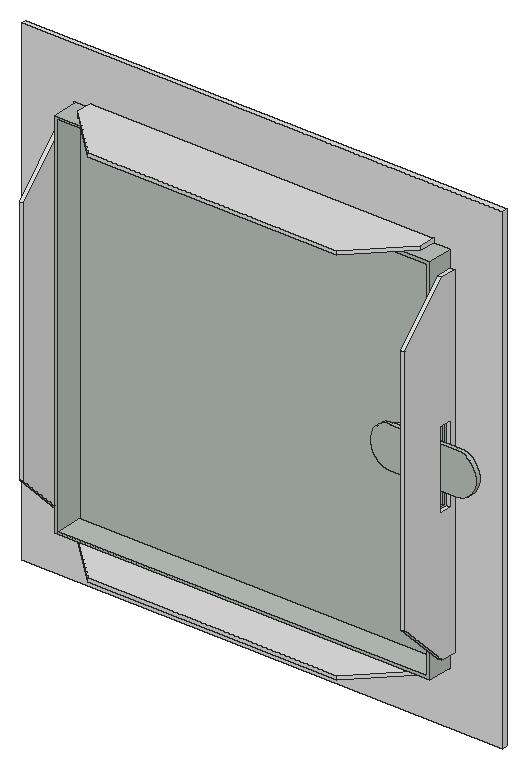
Revit family "Softline Zylinderschoss", category HLS-Bauteile, Revit 2018
Family settings
  Basisbauteil = Wand
  Bemaßung runder Anschluss = Durchmesser verwenden
  Teiletyp = Normal
  Immer vertikal = Ja
  Beim Laden mit Abzugskörper schneiden = Nein
  Gemeinsam genutzt = Nein
  Raumberechnungspunkt = Nein
Parameters (values of type "Weiß RAL9016 - 150X150")
  Wandbreite [instance] = 200.0 mm
  Vh = 0.5 * (Hz - H3)  # 32.5 mm
  Vb = 0.5 * (Bz - B3)  # 32.5 mm
  Tz = T1 + T2  # 26.0 mm
  T_plate = 1.0 mm
  TGap = 2.5 mm
  T2 = 24.0 mm
  T1 = 2.0 mm
  H4 = 145.0 mm
  H5 = 144.0 mm
  H2_Min = H  # 150.0 mm
  H2_Max = H + 12.0 mm  # 162.0 mm
  H = 150.0 mm
  H0 = 1650.0 mm
  Hz = 250.0 mm
  H3 = 185.0 mm
  H1 = 148.0 mm
  HAN = "20560"
  Dlock = H5 / 3  # 48.0 mm
  Binner = 0.5 * (B3 - B1)  # 18.5 mm
  B4 = 145.0 mm
  B5 = 144.0 mm
  Bz = 250.0 mm
  B2_min = B  # 150.0 mm
  B2_Max = B + 12.0 mm  # 162.0 mm
  B = 150.0 mm
  B3 = 185.0 mm
  B1 = 148.0 mm
Types (20, lengths in mm): name | H4 | H5 | H2_Min | H2_Max | H | Hz | H3 | H1 | HAN | Dlock | B4 | B5 | Bz | B2_min | B2_Max | B | B3 | B1
  Weiß RAL9016 - 600x600 | 595.0 | 594.0 | 600.0 | 612.0 | 600.0 | 700.0 | 635.0 | 598.0 | "20571" | 198.0 | 595.0 | 594.0 | 700.0 | 600.0 | 612.0 | 600.0 | 635.0 | 598.0
  Weiß RAL9016 - 200X200 | 195.0 | 194.0 | 200.0 | 212.0 | 200.0 | 300.0 | 235.0 | 198.0 | "20562" | 64.667 | 195.0 | 194.0 | 300.0 | 200.0 | 212.0 | 200.0 | 235.0 | 198.0
  Weiß RAL9016 - 300X300 | 295.0 | 294.0 | 300.0 | 312.0 | 300.0 | 400.0 | 335.0 | 298.0 | "20567" | 98.0 | 295.0 | 294.0 | 400.0 | 300.0 | 312.0 | 300.0 | 335.0 | 298.0
  Weiß RAL9016 - 400X400 | 395.0 | 394.0 | 400.0 | 412.0 | 400.0 | 500.0 | 435.0 | 398.0 | "20568" | 131.333 | 395.0 | 394.0 | 500.0 | 400.0 | 412.0 | 400.0 | 435.0 | 398.0
  Weiß RAL9016 - 500X500 | 495.0 | 494.0 | 500.0 | 512.0 | 500.0 | 600.0 | 535.0 | 498.0 | "20570" | 164.667 | 495.0 | 494.0 | 600.0 | 500.0 | 512.0 | 500.0 | 535.0 | 498.0
  Weiß RAL9016 - 200X250 | 245.0 | 244.0 | 250.0 | 262.0 | 250.0 | 350.0 | 285.0 | 248.0 | "20563" | 81.333 | 195.0 | 194.0 | 300.0 | 200.0 | 212.0 | 200.0 | 235.0 | 198.0
  Weiß RAL9016 - 200X300 | 295.0 | 294.0 | 300.0 | 312.0 | 300.0 | 400.0 | 335.0 | 298.0 | "20564" | 98.0 | 195.0 | 194.0 | 300.0 | 200.0 | 212.0 | 200.0 | 235.0 | 198.0
  Weiß RAL9016 - 200X400 | 395.0 | 394.0 | 400.0 | 412.0 | 400.0 | 500.0 | 435.0 | 398.0 | "20605" | 131.333 | 195.0 | 194.0 | 300.0 | 200.0 | 212.0 | 200.0 | 235.0 | 198.0
  Weiß RAL9016 - 200X500 | 495.0 | 494.0 | 500.0 | 512.0 | 500.0 | 600.0 | 535.0 | 498.0 | "20607" | 164.667 | 195.0 | 194.0 | 300.0 | 200.0 | 212.0 | 200.0 | 235.0 | 198.0
  Weiß RAL9016 - 200X600 | 595.0 | 594.0 | 600.0 | 612.0 | 600.0 | 700.0 | 635.0 | 598.0 | "20610" | 198.0 | 195.0 | 194.0 | 300.0 | 200.0 | 212.0 | 200.0 | 235.0 | 198.0
  Weiß RAL9016 - 150X200 | 195.0 | 194.0 | 200.0 | 212.0 | 200.0 | 300.0 | 235.0 | 198.0 | "20561" | 64.667 | 145.0 | 144.0 | 250.0 | 150.0 | 162.0 | 150.0 | 185.0 | 148.0
  Weiß RAL9016 - 150X150 | 145.0 | 144.0 | 150.0 | 162.0 | 150.0 | 250.0 | 185.0 | 148.0 | "20560" | 48.0 | 145.0 | 144.0 | 250.0 | 150.0 | 162.0 | 150.0 | 185.0 | 148.0
  Weiß RAL9016 - 250X250 | 245.0 | 244.0 | 250.0 | 262.0 | 250.0 | 350.0 | 285.0 | 248.0 | "20565" | 81.333 | 245.0 | 244.0 | 350.0 | 250.0 | 262.0 | 250.0 | 285.0 | 248.0
  Weiß RAL9016 - 250X300 | 295.0 | 294.0 | 300.0 | 312.0 | 300.0 | 400.0 | 335.0 | 298.0 | "20566" | 98.0 | 245.0 | 244.0 | 350.0 | 250.0 | 262.0 | 250.0 | 285.0 | 248.0
  Weiß RAL9016 - 300X400 | 395.0 | 394.0 | 400.0 | 412.0 | 400.0 | 500.0 | 435.0 | 398.0 | "20606" | 131.333 | 295.0 | 294.0 | 400.0 | 300.0 | 312.0 | 300.0 | 335.0 | 298.0
  Weiß RAL9016 - 300X500 | 495.0 | 494.0 | 500.0 | 512.0 | 500.0 | 600.0 | 535.0 | 498.0 | "20608" | 164.667 | 295.0 | 294.0 | 400.0 | 300.0 | 312.0 | 300.0 | 335.0 | 298.0
  Weiß RAL9016 - 300X600 | 595.0 | 594.0 | 600.0 | 612.0 | 600.0 | 700.0 | 635.0 | 598.0 | "20611" | 198.0 | 295.0 | 294.0 | 400.0 | 300.0 | 312.0 | 300.0 | 335.0 | 298.0
  Weiß RAL9016 - 400X600 | 595.0 | 594.0 | 600.0 | 612.0 | 600.0 | 700.0 | 635.0 | 598.0 | "20569" | 198.0 | 395.0 | 394.0 | 500.0 | 400.0 | 412.0 | 400.0 | 435.0 | 398.0
  Weiß RAL9016 - 400X500 | 495.0 | 494.0 | 500.0 | 512.0 | 500.0 | 600.0 | 535.0 | 498.0 | "20609" | 164.667 | 395.0 | 394.0 | 500.0 | 400.0 | 412.0 | 400.0 | 435.0 | 398.0
  Weiß RAL9016 - 500X600 | 595.0 | 594.0 | 600.0 | 612.0 | 600.0 | 700.0 | 635.0 | 598.0 | "20612" | 198.0 | 495.0 | 494.0 | 600.0 | 500.0 | 512.0 | 500.0 | 535.0 | 498.0
Reference planes
  plane 1 "Wand": y = 0
  plane 2 "Mitte (Links/rechts)": x = 125
  plane 3 "Hinten": y = 100
  plane 4: z = 1650
  plane 5 "Vorne": y = -100
  plane 6: x = 0
  plane 7: x = 32.5
  plane 8: x = 217.5
  plane 9: x = 250
  plane 10: z = 1775
  plane 11: z = 1742.5
  plane 12: z = 1557.5
  plane 13: z = 1525
  plane 14: z = 1578
  plane 15: x = 197
  plane 16: x = 53
  plane 17: x = 197.5
  plane 18: x = 52.5
  plane 19: z = 1722.5
  plane 20: z = 1577.5
  plane 21: y = 100
  plane 22: z = 1722
  plane 23: x = 199
  plane 24: x = 51
  plane 25: z = 1724
  plane 26: z = 1576
  plane 27: y = 74
  plane 28: y = 99
  plane 29: y = 88.5
  plane 30: y = 98
Forms (mm)
  Extrusion 1, solid, material "WHITE"
    sketch origin (0, 0, 0) x (1, 0, 0) y (0, 0, 1)
      loop
        line (32.5, 1742.5) -> (32.5, 1557.5) -> (217.5, 1557.5) -> (217.5, 1742.5) -> (32.5, 1742.5)
      loop
        line (52.5, 1722.5) -> (52.5, 1577.5) -> (197.5, 1577.5) -> (197.5, 1722.5) -> (52.5, 1722.5)
    from -100 to -98
  Extrusion 2, solid, material "BROWN", detail levels medium+fine
    sketch origin (0, 0, 0) x (1, 0, 0) y (0, 0, 1)
      loop
        line (53, 1722) -> (53, 1578) -> (197, 1578) -> (197, 1722) -> (53, 1722)
      loop
        line (54, 1721) -> (54, 1579) -> (196, 1579) -> (196, 1721) -> (54, 1721)
    from -99 to -88.5
  Extrusion 3, solid, material "BROWN", detail levels medium+fine
    sketch origin (0, 0, 0) x (1, 0, 0) y (0, 0, 1)
      loop
        line (197, 1722) -> (53, 1722) -> (53, 1578) -> (197, 1578) -> (197, 1722)
      loop
        circle (179, 1650) r 5.829
    from -100 to -99
  Extrusion 4, solid, material "WHITE", detail levels medium+fine
    sketch origin (125, 0, 0) x (0, 1, 0) y (0, 0, 1)
      loop
        line (98, 1716) -> (92, 1716) -> (74, 1698) -> (74, 1602) -> (92, 1584) -> (98, 1584) -> (98, 1716)
    from 72.5 to 74
  Extrusion 5, solid, material "WHITE"
    sketch origin (125, 0, 0) x (0, 1, 0) y (0, 0, 1)
      loop
        line (98, 1716) -> (92, 1716) -> (74, 1698) -> (74, 1602) -> (92, 1584) -> (98, 1584) -> (98, 1716)
    from -74 to -72.5
  Extrusion 6, solid, material "WHITE", detail levels medium+fine
    sketch origin (0, 0, 0) x (1, 0, 0) y (0, 1, 0)
      loop
        line (59, 98) -> (59, 92) -> (77, 74) -> (173, 74) -> (191, 92) -> (191, 98) -> (59, 98)
    from 1576 to 1577.5
  Extrusion 7, solid, material "WHITE", detail levels medium+fine
    sketch origin (0, 0, 0) x (1, 0, 0) y (0, 1, 0)
      loop
        line (59, 98) -> (59, 92) -> (77, 74) -> (173, 74) -> (191, 92) -> (191, 98) -> (59, 98)
    from 1722.5 to 1724
  Extrusion 8, solid, material "BROWN", detail levels coarse
    sketch origin (0, 0, 0) x (1, 0, 0) y (0, 0, 1)
      loop
        line (52.5, 1722.5) -> (52.5, 1577.5) -> (197.5, 1577.5) -> (197.5, 1722.5) -> (52.5, 1722.5)
    from -100 to -98
  Extrusion 9, solid, material "WHITE", detail levels coarse
    sketch origin (0, 0, 0) x (1, 0, 0) y (0, 0, 1)
      loop
        line (199, 1724) -> (51, 1724) -> (51, 1576) -> (199, 1576) -> (199, 1724)
    from -98 to -74
  Extrusion 10, void
    sketch origin (125, 0, 0) x (0, 1, 0) y (0, 0, 1)
      loop
        line (96, 1665) -> (91, 1665) -> (91, 1635) -> (96, 1635) -> (96, 1665)
    from 71 to 74
Cuts and joins
  Extrusion 10 cuts Extrusion 2
  Extrusion 10 cuts Extrusion 4
Text (mm)
  text "Placement Side" at (-1848.837, 1116.779, 0), in view "Ref.-Ebene"
  text "Placement side" at (0, 1409.804, 2854.306), in view "Links"
  text "Placement side" at (0, 499.811, 2980.732), in view "Rechts"
Dimensions and locks
  locked: plane 3 "Hinten" to host wall
  "Wandbreite": plane 5 "Vorne" to plane 3 "Hinten"
  equal spacing: plane 5 "Vorne", host wall, plane 3 "Hinten"
  "Bz": plane 6 to plane 9
  "H0": plane 4 to level
  "B3": plane 7 to plane 8
  "H3": plane 11 to plane 12
  "Hz": plane 10 to plane 13
  equal spacing: plane 16, plane 2 "Mitte (Links/rechts)", plane 15
  "B5": plane 16 to plane 15
  "B4": plane 18 to plane 17
  "H4": plane 20 to plane 19
  "H5": plane 14 to plane 22
  equal spacing: plane 24, plane 2 "Mitte (Links/rechts)", plane 23
  equal spacing: plane 18, plane 2 "Mitte (Links/rechts)", plane 17
  equal spacing: plane 7, plane 2 "Mitte (Links/rechts)", plane 8
  equal spacing: plane 6, plane 2 "Mitte (Links/rechts)", plane 9
  equal spacing: plane 14, plane 4, plane 22
  equal spacing: plane 20, plane 4, plane 19
  equal spacing: plane 13, plane 4, plane 10
  equal spacing: plane 12, plane 4, plane 11
  equal spacing: plane 26, plane 4, plane 25
  "H1": plane 26 to plane 25
  "B1": plane 23 to plane 24
  locked: plane 3 "Hinten" to plane 21 at 0
  plane 21 to plane 28 = 1.0 mm
  "T1": plane 21 to plane 30
  "T_plate": Extrusion 2 sketch curve to Extrusion 2 sketch curve  (x4)
  "Tz": plane 21 to plane 27
  locked: plane 21 to plane 29 at 11.5
  locked: plane 22 to Extrusion 4 sketch curve at 6
  locked: Extrusion 4 sketch curve to Extrusion 4 sketch curve at 6  (x2)
  locked: Extrusion 4 sketch curve to plane 14 at 6
  locked: Extrusion 5 sketch curve to Extrusion 5 sketch curve at 6  (x2)
  locked: Extrusion 6 sketch curve to plane 15 at 6
  locked: plane 30 to Extrusion 6 sketch curve at 6  (x2)
  locked: plane 16 to Extrusion 6 sketch curve at 6
  locked: Extrusion 5 sketch curve to plane 14 at 6
  locked: plane 22 to Extrusion 5 sketch curve at 6
  locked: plane 16 to Extrusion 7 sketch curve at 6
  locked: plane 30 to Extrusion 7 sketch curve at 6  (x2)
  locked: Extrusion 7 sketch curve to plane 15 at 6
  locked: nested 1 to plane 23 at 20
  plane 30 to Extrusion 10 sketch curve = 2.0 mm
  locked: Extrusion 10 sketch curve to plane 4 at 15
  locked: plane 4 to Extrusion 10 sketch curve at 15
  locked: Extrusion 10 sketch curve to Extrusion 10 sketch curve at 5
  locked: Extrusion 4 sketch curve to Extrusion 4 sketch curve (angle 135.00°)  (x2)
  locked: Extrusion 5 sketch curve to Extrusion 5 sketch curve (angle 135.00°)  (x2)
  locked: Extrusion 6 sketch curve to Extrusion 6 sketch curve (angle 135.00°)  (x2)
  locked: Extrusion 7 sketch curve to Extrusion 7 sketch curve (angle 135.00°)  (x2)
  aligned and locked: plane 1 "Wand" to host wall
  aligned and locked: Extrusion 1 sketch curve to plane 11
  aligned and locked: Extrusion 1 sketch curve to plane 7
  aligned and locked: plane 12 to Extrusion 1 sketch curve
  aligned and locked: plane 8 to Extrusion 1 sketch curve
  aligned and locked: Extrusion 1 sketch curve to plane 18
  aligned and locked: plane 17 to Extrusion 1 sketch curve
  aligned and locked: plane 20 to Extrusion 1 sketch curve
  aligned and locked: plane 19 to Extrusion 1 sketch curve
  aligned and locked: host wall to Extrusion 1
  aligned and locked: Extrusion 2 to plane 29
  aligned and locked: Extrusion 1 to plane 30
  aligned and locked: plane 28 to Extrusion 2
  aligned and locked: host wall to Extrusion 3
  aligned and locked: Extrusion 3 to plane 28
  aligned and locked: plane 29 to Extrusion 2
  aligned and locked: plane 27 to Extrusion 4 sketch curve
  aligned and locked: plane 30 to Extrusion 4 sketch curve
  aligned and locked: Extrusion 4 to plane 23
  aligned and locked: plane 17 to Extrusion 4
  aligned and locked: Extrusion 5 to plane 24
  aligned and locked: Extrusion 5 to plane 18
  aligned and locked: Extrusion 6 sketch curve to plane 30
  aligned and locked: Extrusion 6 sketch curve to plane 27
  aligned and locked: plane 20 to Extrusion 6
  aligned and locked: plane 26 to Extrusion 6
  aligned and locked: plane 25 to Extrusion 7
  aligned and locked: Extrusion 7 to plane 19
  aligned and locked: Extrusion 7 sketch curve to plane 27
  aligned and locked: Extrusion 7 sketch curve to plane 30
  aligned and locked: plane 27 to Extrusion 5 sketch curve
  aligned and locked: plane 30 to Extrusion 5 sketch curve
  aligned and locked: Extrusion 2 sketch curve to plane 14
  aligned and locked: Extrusion 2 sketch curve to plane 15
  aligned and locked: plane 22 to Extrusion 2 sketch curve
  aligned and locked: plane 16 to Extrusion 2 sketch curve
  aligned and locked: Extrusion 3 sketch curve to plane 22
  aligned and locked: plane 15 to Extrusion 3 sketch curve
  aligned and locked: plane 14 to Extrusion 3 sketch curve
  aligned and locked: Extrusion 3 sketch curve to plane 16
  aligned and locked: Extrusion 8 sketch curve to Extrusion 1  (x4)
  aligned and locked: host wall to Extrusion 8
  aligned and locked: Extrusion 1 to Extrusion 8
  aligned and locked: Extrusion 9 sketch curve to Extrusion 7
  aligned and locked: Extrusion 9 sketch curve to Extrusion 5
  aligned and locked: Extrusion 9 sketch curve to Extrusion 6
  aligned and locked: Extrusion 9 sketch curve to Extrusion 4
  aligned and locked: Extrusion 9 to Extrusion 1
  aligned and locked: Extrusion 9 to plane 27
  aligned and locked: plane 4 to nested 1
  aligned and locked: Extrusion 3 sketch curve to nested 1  (x2)
  aligned and locked: Extrusion 2 to Extrusion 10
  aligned and locked: Extrusion 10 to plane 23
Nested families
  nested 1: "LooK2" at (179, 100, 1650) x (0, 0, -1) z (0, 1, 0), type "LooK2", detail levels fine
    with H1 6.0 mm
Definition of nested family "LooK2"
  Parameters (values of type "LooK2")
    Material = none
    L1 = 25.0 mm
    H2 = 3.0 mm
    H1 = 8.77 mm
    Default Elevation = 1219.2 mm
  Reference planes
    plane 1 "Center (Front/Back)": y = 0
    plane 2: z = 0
    plane 3 "Center (Left/Right)": x = 0
    plane 4: z = -8.77
    plane 5: z = 3
    plane 6: z = -10.27
    plane 7: y = 25
  Forms (mm)
    Extrusion 1, solid
      sketch origin (0, 0, 0) x (1, 0, 0) y (0, 1, 0)
        loop
          line (-1219.2, 1219.2) -> (-1219.2, -1219.2) -> (1219.2, -1219.2) -> (1219.2, 1219.2) -> (-1219.2, 1219.2)
      from 0 to -304.8
    Extrusion 2, solid, material <- "Material"
      sketch origin (0, 0, 0) x (1, 0, 0) y (0, 1, 0)
        loop
          arc (-8, 0.008) -> (0, -7.992) -> (8, 0.008) r 8
          line (8, 0.008) -> (8, 25)
          arc (8, 25) -> (0, 33) -> (-8, 25) r 8
          line (-8, 25) -> (-8, 0.008)
      from -10.27 to -8.77
    Revolve 3, solid, material <- "Material"
      sketch origin (0, 0, 0) x (1, 0, 0) y (0, 0, -1)
        loop
          line (0, 0) -> (-9.468, 0) -> (-5.829, -3) -> (0, -3) -> (0, 0)
        axis (0, 0) -> (0, -3)
      angle from 0 to 360
    Extrusion 4, solid
      sketch origin (0, 0, 0) x (1, 0, 0) y (0, 1, 0)
        loop
          circle (0, 0) r 5.829
      from -8.77 to 0
    Extrusion 5, void
      sketch origin (0, 0, 0) x (1, 0, 0) y (0, 1, 0)
        loop
          line (-1.003, 3.997) -> (-1.003, -3.996) -> (1, -3.996) -> (1, 3.997) -> (-1.003, 3.997)
      from -8.77 to 3
  Cuts and joins
    Extrusion 5 cuts Revolve 3
    Extrusion 5 cuts Extrusion 4
  Dimensions and locks
    "H1": plane 2 to plane 4
    "H2": plane 5 to plane 2
    locked: plane 4 to plane 6 at 1.5
    "L1": plane 7 to plane 1 "Center (Front/Back)"
    locked: Revolve 3 sketch curve to Revolve 3 sketch curve at 9.468
    locked: Extrusion 5 sketch curve to plane 3 "Center (Left/Right)" at 1.003
    locked: plane 3 "Center (Left/Right)" to Extrusion 5 sketch curve at 1
    locked: plane 1 "Center (Front/Back)" to Extrusion 5 sketch curve at 3.997
    locked: Extrusion 5 sketch curve to plane 1 "Center (Front/Back)" at 3.996
    radius of Extrusion 2 sketch curve = 8.0 mm  (x2)
    aligned and locked: plane 2 to Extrusion 1
    aligned and locked: level to Extrusion 1
    aligned and locked: plane 4 to Extrusion 2
    aligned and locked: Extrusion 2 to plane 6
    aligned and locked: plane 7 to Extrusion 2 sketch curve
    aligned and locked: plane 3 "Center (Left/Right)" to Extrusion 2 sketch curve
    aligned and locked: Revolve 3 to plane 5
    aligned and locked: Revolve 3 to plane 2
    aligned and locked: Extrusion 4 sketch curve to Revolve 3  (x2)
    aligned and locked: Extrusion 4 to Extrusion 2
    aligned and locked: level to Extrusion 4
    aligned and locked: Extrusion 5 to Extrusion 2
    aligned and locked: plane 5 to Extrusion 5
  Automatic sketch dimensions
    Extrusion 1 sketch curve to Extrusion 1 sketch curve = 2438.4 mm  (x2)
    Extrusion 2 sketch curve to plane 1 "Center (Front/Back)" = 0.008 mm
    Revolve 3 sketch curve to level = 0.0 mm
    Revolve 3 sketch curve to plane 3 "Center (Left/Right)" = 0.0 mm  (x2)
    Revolve 3 sketch curve to Revolve 3 sketch curve = 3.64 mm
    Revolve 3 sketch curve to level = 3.0 mm
    Revolve 3 sketch curve to Revolve 3 sketch curve = 5.0 mm
    Revolve 3 sketch curve to plane 6 = 0.27 mm
